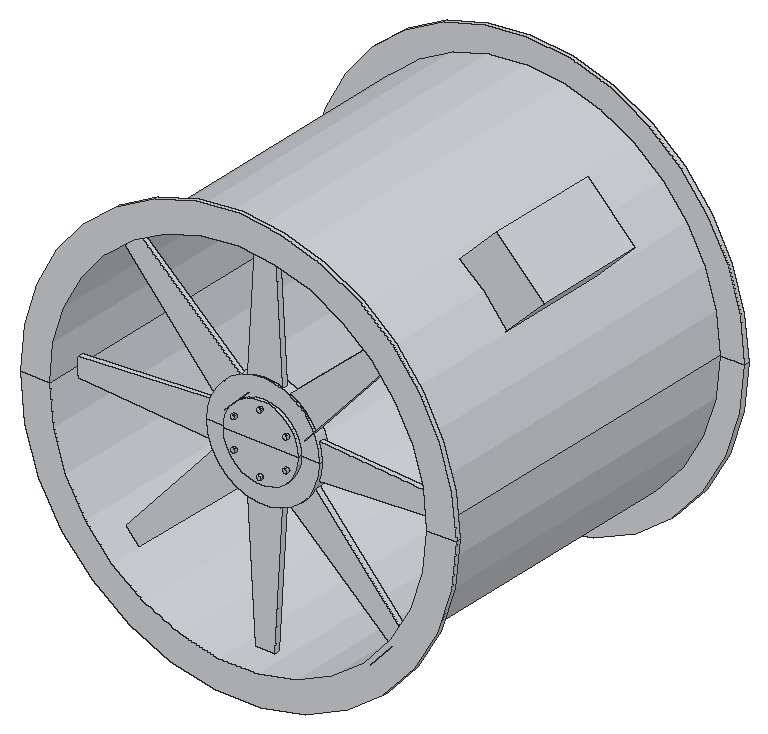
Revit family "CADS_Vent-Axia_MechEquip_Fan_LCA_450_1Ph4P - EXTRACT", category Mechanical Equipment, Revit 2020
Family settings
  Round Connector Dimension = Use Diameter
  Part Type = Normal
  OmniClass Number = 23.75.00.00
  OmniClass Title = Climate Control (HVAC)
  Work Plane-Based = No
  Always vertical = Yes
  Cut with Voids When Loaded = No
  Shared = No
  Room Calculation Point = No
Parameters (values of type "LCA451410")
  nr = NominalDiameter / 2  # 225 mm
  WorkingPressure = 0.0 Pa
  WarrantyStartDate [instance] = "1900-12-31T23:59:59"
  WarrantyPeriod = ""
  WarrantyIdentifier = "N/A"
  WarrantyGuarantorParts = "tech@vent-axia.com"
  WarrantyGuarantorLabor = "tech@vent-axia.com"
  WarrantyGuarantor = "Vent-Axia Limited"
  WarrantyEndDate [instance] = "1900-12-31T23:59:59"
  WarrantyContent = ""
  TemperatureRange = ""
  TagNumber [instance] = "N/A"
  SustainabilityPerformance = ""
  Status = "New"
  Size = ""
  Shape = ""
  ServiceLifeType = ""
  ServiceLifeDuration = ""
  SerialNumber [instance] = "N/A"
  ReplacementCost = ""
  RatedVoltage = 0 V
  RatedCurrent = 0 A
  Quantity = 1
  ProductionYear = ""
  PressureCurve = ""
  PowerFactor = ""
  PointOfContact = ""
  NumberOfPoles = 0
  NominalWidth = 450 mm
  NominalLength = 435 mm
  NominalHeight = 450 mm
  NominalFrequencyRange = ""
  NominalDiameter = 450 mm
  ModelReference = "LCAX 450mm 1PH 4P 10DEG"
  ModelNumber = "LCA451410"
  Material = ""
  ManufacturerE-Mail = "tech@vent-axia.com"
  ManufacturerAddress = "Fleming Way\nCrawley \nRH10 9YX"
  IsExtendedWarranty = no
  InsulationStandardClass = ""
  InstallationDate [instance] = "1900-12-31T23:59:59"
  IfcExportType [instance] = ""
  IfcExportAs = "IfcFanType"
  IP_Code = ""
  HasProtectiveEarth = no
  GrossWeight = 0.00 kg
  Grade = ""
  GlobalTradeItemNumber [instance] = "N/A"
  Fitting Type = "Ignore"
  Finish = ""
  Features = ""
  ExteriorInsulation = no
  ExpectedServiceLife = 0
  Exclusions = ""
  DurationUnit = "Year"
  Default Elevation = 0 mm
  Constituents = ""
  ConductorFunction = ""
  Color = ""
  CodePerformance = ""
  Category = ""
  CADS_Usage = 0
  CADS_Index = 0
  AssetType = "FIXED"
  AssetIdentifier [instance] = "N/A"
  AssemblyPlace = "UNKNOWN"
  ArticleNumber [instance] = "N/A"
  AirflowRateRange = 0.0 L/s
  Air Flow [instance] = 0.0 L/s
  AccessibilityPerformance = ""
Types (16, lengths in mm): name | ModelReference | ModelNumber
  LCA451410 | "LCAX 450mm 1PH 4P 10DEG" | "LCA451410"
  LCA451412 | "LCAX 450mm 1PH 4P 12DEG" | "LCA451412"
  LCA451414 | "LCAX 450mm 1PH 4P 14DEG" | "LCA451414"
  LCA451416 | "LCAX 450mm 1PH 4P 16DEG" | "LCA451416"
  LCA451418 | "LCAX 450mm 1PH 4P 18DEG" | "LCA451418"
  LCA451420 | "LCAX 450mm 1PH 4P 20DEG" | "LCA451420"
  LCA451422 | "LCAX 450mm 1PH 4P 22DEG" | "LCA451422"
  LCA451424 | "LCAX 450mm 1PH 4P 24DEG" | "LCA451424"
  LCA451426 | "LCAX 450mm 1PH 4P 26DEG" | "LCA451426"
  LCA451428 | "LCAX 450mm 1PH 4P 28DEG" | "LCA451428"
  LCA451430 | "LCAX 450mm 1PH 4P 30DEG" | "LCA451430"
  LCA451432 | "LCAX 450mm 1PH 4P 32DEG" | "LCA451432"
  LCA451434 | "LCAX 450mm 1PH 4P 34DEG" | "LCA451434"
  LCA451436 | "LCAX 450mm 1PH 4P 36DEG" | "LCA451436"
  LCA451438 | "LCAX 450mm 1PH 4P 38DEG" | "LCA451438"
  LCA451440 | "LCAX 450mm 1PH 4P 40DEG" | "LCA451440"
Reference planes
  plane 1 "Center (Front/Back)": y = 0
  plane 2: z = 0
  plane 3 "Center (Left/Right)": x = 0
  plane 4: x = -225
  plane 5: x = 225
  plane 6 "F": y = -217.5
  plane 7 "B": y = 217.5
  plane 8: x = -260
  plane 9: y = 212.5
  plane 10: y = -212.5
  plane 11: x = -230
  plane 12: y = -177.5
  plane 13 "top": z = 225
  plane 14: z = -225
  plane 15 "45deg": through (0, -1524, 0) normal (-0.7071, 0, -0.7071)
  plane 16 "C": through (0, -1524, 0) normal (-0.7071, 0, 0.7071)
Forms (mm)
  Revolve 1, solid
    sketch origin (0, 0, 0) x (1, 0, 0) y (0, 1, 0)
      loop
        line (-260, -217.5) -> (-225, -217.5) -> (-225, 217.5) -> (-260, 217.5) -> (-260, 212.5) -> (-230, 212.5) -> (-230, -212.5) -> (-260, -212.5) -> (-260, -217.5)
      axis (0, 217.5) -> (0, -217.5)
    angle from 0 to 360
  Sweep 2, solid
    path origin (0, 0, 0) x (1, 0, 0) y (0, 0, 1)
      loop
        line (159.099, 159.099) -> (205.061, 205.061)
    profile origin (182.08, 0, 182.08) x (-0.707107, 0, 0.707107) y (0, -1, 0)
      loop
        line (37.5, 55) -> (-42.73, 55) -> (-42.73, -79.5) -> (37.5, -79.5) -> (37.5, 55)
Dimensions and locks
  equal spacing: plane 4, plane 3 "Center (Left/Right)", plane 5
  equal spacing: plane 7 "B", plane 1 "Center (Front/Back)", plane 6 "F"
  "NominalLength": plane 7 "B" to plane 6 "F"
  "NominalDiameter": plane 4 to plane 5
  locked: plane 11 to plane 4 at 5
  locked: plane 8 to plane 11 at 30
  locked: plane 6 "F" to plane 10 at 5
  locked: plane 7 "B" to plane 9 at 5
  locked: plane 6 "F" to plane 12 at 40
  equal spacing: plane 13 "top", level, plane 14
  "NominalDiameter": plane 13 "top" to plane 14
  "nr": Sweep 2 sketch curve to nested 13
  Sweep 2 sketch curve to Sweep 2 sketch curve = 65 mm
  aligned and locked: level to plane 2
  aligned and locked: nested 1 to plane 12
Automatic sketch dimensions
  plane 6 "F" to Revolve 1 sketch curve = 0 mm
  Revolve 1 sketch curve to plane 8 = 0 mm  (x2)
  plane 10 to Revolve 1 sketch curve = 0 mm
  Revolve 1 sketch curve to plane 11 = 0 mm
  Revolve 1 sketch curve to plane 4 = 0 mm
  Revolve 1 sketch curve to plane 3 "Center (Left/Right)" = 0 mm
  plane 1 "Center (Front/Back)" to Revolve 1 sketch curve = 0 mm
  Revolve 1 sketch curve to plane 9 = 0 mm
  Revolve 1 sketch curve to plane 7 "B" = 0 mm
  plane 6 "F" to Revolve 1 sketch curve = 115 mm
  plane 1 "Center (Front/Back)" to Sweep 2 sketch curve = 55 mm
  Sweep 2 sketch curve to profile plane = 37.5 mm
  Sweep 2 sketch curve to Sweep 2 sketch curve = 80.23 mm
  Sweep 2 sketch curve to Sweep 2 sketch curve = 134.5 mm
  Sweep 2 sketch curve to plane 16 "C" = 0 mm  (x2)
Nested families
  nested 1: "Fan for ESC" at (0, -177.5, 0), ND <- "NominalDiameter", type "Fan for ESC"
    with hub 45 mm, ND 450 mm, BoltPCD 36 mm, Bolt Count 6, B_Diam 5 mm
  nested 2: "Bolts" at (31.177, -186.672, -18) x (-0.5, 0, -0.866) z (0, 1, 0), type "Bolts"
    with bd 5 mm
  nested 3: "Bolts" at (0, -186.672, -36) x (-1, 0, 0) z (0, 1, 0), type "Bolts"
    with bd 5 mm
  nested 4: "Bolts" at (-31.177, -186.672, -18) x (-0.5, 0, 0.866) z (0, 1, 0), type "Bolts"
    with bd 5 mm
  nested 5: "Bolts" at (-31.177, -186.672, 18) x (0.5, 0, 0.866) z (0, 1, 0), type "Bolts"
    with bd 5 mm
  nested 6: "Bolts" at (31.177, -186.672, 18) x (0.5, 0, -0.866) z (0, 1, 0), type "Bolts"
    with bd 5 mm
  nested 7: "Bolts" at (0, -186.672, 36) x (1, 0, 0) z (0, 1, 0), type "Bolts"
    with bd 5 mm
  nested 8: "ESC Blade" at (0, -177.5, 0), type "ESC Blade"
    with a 20.00°, HR 45 mm, HD 90 mm, BT 22.5 mm, BR 180 mm, BH 40 mm, BD 450 mm, BB 45 mm
  nested 9: "ESC Blade" at (0, -177.5, 0) x (0.7071, 0, -0.7071) z (0.7071, 0, 0.7071), type "ESC Blade"
    with a 20.00°, HR 45 mm, HD 90 mm, BT 22.5 mm, BR 180 mm, BH 40 mm, BD 450 mm, BB 45 mm
  nested 10: "ESC Blade" at (0, -177.5, 0) x (0, 0, -1) z (1, 0, 0), type "ESC Blade"
    with a 20.00°, HR 45 mm, HD 90 mm, BT 22.5 mm, BR 180 mm, BH 40 mm, BD 450 mm, BB 45 mm
  nested 11: "ESC Blade" at (0, -177.5, 0) x (-0.7071, 0, -0.7071) z (0.7071, 0, -0.7071), type "ESC Blade"
    with a 20.00°, HR 45 mm, HD 90 mm, BT 22.5 mm, BR 180 mm, BH 40 mm, BD 450 mm, BB 45 mm
  nested 12: "ESC Blade" at (0, -177.5, 0) x (-1, 0, 0) z (0, 0, -1), type "ESC Blade"
    with a 20.00°, HR 45 mm, HD 90 mm, BT 22.5 mm, BR 180 mm, BH 40 mm, BD 450 mm, BB 45 mm
  nested 13: "ESC Blade" at (0, -177.5, 0) x (-0.7071, 0, -0.7071) z (-0.7071, 0, 0.7071), type "ESC Blade"
    with a 20.00°, HR 45 mm, HD 90 mm, BT 22.5 mm, BR 180 mm, BH 40 mm, BD 450 mm, BB 45 mm
  nested 14: "ESC Blade" at (0, -177.5, 0) x (0, 0, -1) z (-1, 0, 0), type "ESC Blade"
    with a 20.00°, HR 45 mm, HD 90 mm, BT 22.5 mm, BR 180 mm, BH 40 mm, BD 450 mm, BB 45 mm
  nested 15: "ESC Blade" at (0, -177.5, 0) x (0.7071, 0, -0.7071) z (-0.7071, 0, -0.7071), type "ESC Blade"
    with a 20.00°, HR 45 mm, HD 90 mm, BT 22.5 mm, BR 180 mm, BH 40 mm, BD 450 mm, BB 45 mm
Connectors
  hvac at (0, -217.5, 0), driven by "NominalDiameter", driven by "Air Flow"
    settings: on Revolve 1, index 1, duct flow 0.0 L/s, flow factor 0, pres drop 0.0 Pa, loss coef 0, conn angle 0.00°, conn width 304.8 mm, conn height 304.8 mm, conn diameter 450 mm, duct sys type 2, conn prof type 0, flow config 0, flow direction 1, loss method 0, conn ref index -1, conn util no, is conn primary yes, conn desc ""
  hvac at (0, 217.5, 0), driven by "NominalDiameter", driven by "Air Flow"
    settings: on Revolve 1, index 2, duct flow 0.0 L/s, flow factor 0, pres drop 0.0 Pa, loss coef 0, conn angle 0.00°, conn width 304.8 mm, conn height 304.8 mm, conn diameter 450 mm, duct sys type 3, conn prof type 0, flow config 1, flow direction 2, loss method 0, conn ref index -1, conn util no, is conn primary no, conn desc ""
Definition of nested family "Fan for ESC"
  Parameters (values of type "Fan for ESC")
    hub [instance] = ND / 10  # 56.7 mm
    ND [instance] = 567 mm
    Model = "."
    Default Elevation = 0 mm
    BoltPCD [instance] = hub - (hub * 0.2)  # 45.36 mm
    Bolt Count [instance] = if(hub < 50 mm, 6, 8)  # 8
    B_Diam [instance] = if(hub < 50 mm, 5 mm, 10 mm)  # 10 mm
  Reference planes
    plane 1 "Center (Front/Back)": y = 0
    plane 2: z = 0
    plane 3 "Center (Left/Right)": x = 0
    plane 4 "back": y = 20
    plane 5 "bolts": y = -9.172
    plane 6 "B": z = 56.7
    plane 7: x = -79.287
    plane 8: x = -56.7
    plane 9 "hubface": y = -6.172
  Forms (mm)
    Revolve 1, solid
      sketch origin (0, 0, 0) x (1, 0, 0) y (0, 1, 0)
        loop
          line (0, 20) -> (-56.7, 20) -> (-56.7, 10.504) -> (-79.287, 10.504) -> (-79.287, -2.597) -> (-56.7, -2.597) -> (-56.7, -6.172) -> (0, -6.172) -> (0, 20)
        axis (0, 20) -> (0, -6.172)
      angle from 0 to 360
    Extrusion 2, solid, not visible
      sketch origin (0, -6.347, -4) x (-1, 0, 0) y (0, 0, 1)
        loop
          circle (0, 84) r 5
      from 0 to 3
  Lines and regions (mm)
    symbolic lines
      curve 1: circle (0, -9.172, 0) r 45.36 normal (0, 1, 0)
    model lines, not visible
      curve 2: line (0, -6.347, 85) -> (0, -6.347, 75)
  Dimensions and locks
    "hub": plane 6 "B" to plane 2
    "hub": nested 3 to plane 3 "Center (Left/Right)"
    "hub": nested 4 to plane 3 "Center (Left/Right)"
    "hub": nested 5 to plane 3 "Center (Left/Right)"
    "hub": plane 3 "Center (Left/Right)" to nested 6
    "hub": Revolve 1 sketch curve to Revolve 1 sketch curve
    "hub": plane 3 "Center (Left/Right)" to nested 7
    "hub": plane 3 "Center (Left/Right)" to nested 8
    "hub": plane 3 "Center (Left/Right)" to nested 9
    "hub": plane 8 to plane 3 "Center (Left/Right)"
    plane 7 to plane 8 = 22.587 mm
    diameter of Extrusion 2 sketch curve = 10 mm
    "BoltPCD": radius of curve 1
    "BoltPCD": radius of radial array
    aligned and locked: level to plane 2
    aligned and locked: plane 6 "B" to nested 1
  Automatic sketch dimensions
    Revolve 1 sketch curve to plane 7 = 0 mm
    Revolve 1 sketch curve to plane 8 = 0 mm  (x2)
    Revolve 1 sketch curve to plane 3 "Center (Left/Right)" = 0 mm
    Revolve 1 sketch curve to plane 9 "hubface" = 0 mm
    plane 4 "back" to Revolve 1 sketch curve = 0 mm
    plane 1 "Center (Front/Back)" to Revolve 1 sketch curve = 2.597 mm
    plane 4 "back" to Revolve 1 sketch curve = 9.496 mm
    Revolve 1 sketch curve to Revolve 1 sketch curve = 5 mm
    Revolve 1 sketch curve to plane 4 "back" = 45 mm
    curve 1 to level = 0 mm
    curve 1 to plane 3 "Center (Left/Right)" = 0 mm
  Nested families
    nested 1: "ESC Blade" at (0, 0, 0), BD <- "ND", HD <- "hub", type "ESC Blade"
      with a 20.00°, HR 56.7 mm, HD 113.4 mm, BT 28.35 mm, BR 226.8 mm, BH 40 mm, BD 567 mm, BB 56.7 mm
    nested 2: "ESC Blade" at (0, 0, 755), BD <- "ND", HD <- "hub", type "ESC Blade", not visible
      with a 20.00°, HR 56.7 mm, HD 113.4 mm, BT 28.35 mm, BR 226.8 mm, BH 40 mm, BD 567 mm, BB 56.7 mm
    nested 3: "ESC Blade" at (0, 0, 0) x (0.7071, 0, -0.7071) z (0.7071, 0, 0.7071), BD <- "ND", HD <- "hub", type "ESC Blade"
      with a 20.00°, HR 56.7 mm, HD 113.4 mm, BT 28.35 mm, BR 226.8 mm, BH 40 mm, BD 567 mm, BB 56.7 mm
    nested 4: "ESC Blade" at (0, 0, 0) x (0, 0, -1) z (1, 0, 0), BD <- "ND", HD <- "hub", type "ESC Blade"
      with a 20.00°, HR 56.7 mm, HD 113.4 mm, BT 28.35 mm, BR 226.8 mm, BH 40 mm, BD 567 mm, BB 56.7 mm
    nested 5: "ESC Blade" at (0, 0, 0) x (-0.7071, 0, -0.7071) z (0.7071, 0, -0.7071), BD <- "ND", HD <- "hub", type "ESC Blade"
      with a 20.00°, HR 56.7 mm, HD 113.4 mm, BT 28.35 mm, BR 226.8 mm, BH 40 mm, BD 567 mm, BB 56.7 mm
    nested 6: "ESC Blade" at (0, 0, 0) x (-1, 0, 0) z (0, 0, -1), BD <- "ND", HD <- "hub", type "ESC Blade"
      with a 20.00°, HR 56.7 mm, HD 113.4 mm, BT 28.35 mm, BR 226.8 mm, BH 40 mm, BD 567 mm, BB 56.7 mm
    nested 7: "ESC Blade" at (0, 0, 0) x (-0.7071, 0, -0.7071) z (-0.7071, 0, 0.7071), BD <- "ND", HD <- "hub", type "ESC Blade"
      with a 20.00°, HR 56.7 mm, HD 113.4 mm, BT 28.35 mm, BR 226.8 mm, BH 40 mm, BD 567 mm, BB 56.7 mm
    nested 8: "ESC Blade" at (0, 0, 0) x (0, 0, -1) z (-1, 0, 0), BD <- "ND", HD <- "hub", type "ESC Blade"
      with a 20.00°, HR 56.7 mm, HD 113.4 mm, BT 28.35 mm, BR 226.8 mm, BH 40 mm, BD 567 mm, BB 56.7 mm
    nested 9: "ESC Blade" at (0, 0, 0) x (0.7071, 0, -0.7071) z (-0.7071, 0, -0.7071), BD <- "ND", HD <- "hub", type "ESC Blade"
      with a 20.00°, HR 56.7 mm, HD 113.4 mm, BT 28.35 mm, BR 226.8 mm, BH 40 mm, BD 567 mm, BB 56.7 mm
    nested 10: "Bolts" at (0, -9.172, 45.36) x (1, 0, 0) z (0, 1, 0), bd <- "B_Diam", type "Bolts"
      with bd 10 mm
    nested 11: "Bolts" at (32.074, -9.172, 32.074) x (0.7071, 0, -0.7071) z (0, 1, 0), bd <- "B_Diam", type "Bolts"
      with bd 10 mm
    nested 12: "Bolts" at (-32.074, -9.172, 32.074) x (0.7071, 0, 0.7071) z (0, 1, 0), bd <- "B_Diam", type "Bolts"
      with bd 10 mm
    nested 13: "Bolts" at (-45.36, -9.172, 0) x (0, 0, 1) z (0, 1, 0), bd <- "B_Diam", type "Bolts"
      with bd 10 mm
    nested 14: "Bolts" at (-32.074, -9.172, -32.074) x (-0.7071, 0, 0.7071) z (0, 1, 0), bd <- "B_Diam", type "Bolts"
      with bd 10 mm
    nested 15: "Bolts" at (0, -9.172, -45.36) x (-1, 0, 0) z (0, 1, 0), bd <- "B_Diam", type "Bolts"
      with bd 10 mm
    nested 16: "Bolts" at (32.074, -9.172, -32.074) x (-0.7071, 0, -0.7071) z (0, 1, 0), bd <- "B_Diam", type "Bolts"
      with bd 10 mm
    nested 17: "Bolts" at (45.36, -9.172, 0) x (0, 0, -1) z (0, 1, 0), bd <- "B_Diam", type "Bolts"
      with bd 10 mm
  Definition of nested family "ESC Blade"
    Parameters (values of type "ESC Blade")
      a [instance] = 20.00°
      HR [instance] = HD / 2  # 30 mm
      HD [instance] = BD / 5  # 60 mm
      Default Elevation = 1219.2 mm
      BT [instance] = BD / 20  # 15 mm
      BR [instance] = (BD / 2) - HR  # 120 mm
      BH [instance] = 40 mm
      BD [instance] = 300 mm
      BB [instance] = BD / 10  # 30 mm
    Reference planes
      plane 1 "Center (Front/Back)": y = 0
      plane 2: z = 0
      plane 3 "Center (Left/Right)": x = 0
      plane 4 "Blade Bot": z = 30
      plane 5: x = -15
      plane 6: x = 15
      plane 7: x = -7.5
      plane 8: x = 7.5
    Forms (mm)
      Blend 1, solid
        base sketch origin (0, 0, 30) x (-1, 0, 0) y (0, -1, 0)
          loop
            line (15, 0) -> (-15, 0) -> (-15, -6) -> (15, -6) -> (15, 0)
        top sketch origin (0, 0, 30) x (-1, 0, 0) y (0, -1, 0)
          loop
            line (7.5, -6) -> (7.5, 0) -> (-7.5, 0) -> (-7.5, -6) -> (7.5, -6)
        from 0 to 120 <- "BR"
    Dimensions and locks
      "HR": plane 4 "Blade Bot" to level
      equal spacing: plane 8, plane 3 "Center (Left/Right)", plane 7
      "BT": plane 8 to plane 7
      equal spacing: plane 6, plane 3 "Center (Left/Right)", plane 5
      "BB": plane 6 to plane 5
      aligned and locked: level to plane 2
    Automatic sketch dimensions
      plane 1 "Center (Front/Back)" to Blend 1 sketch curve = 0 mm  (x2)
      Blend 1 sketch curve to plane 6 = 0 mm
      Blend 1 sketch curve to plane 5 = 0 mm
      Blend 1 sketch curve to plane 1 "Center (Front/Back)" = 6 mm  (x2)
      Blend 1 sketch curve to plane 8 = 0 mm
      Blend 1 sketch curve to plane 7 = 0 mm
  Definition of nested family "Bolts"
    Parameters
      bd [instance] = 10 mm
      Default Elevation = 1219.2 mm
    Reference planes
      plane 1 "Center (Front/Back)": y = 0
      plane 2: z = 0
      plane 3 "Center (Left/Right)": x = 0
    Forms (mm)
      Extrusion 1, solid
        sketch origin (0, 0, 0) x (1, 0, 0) y (0, 1, 0)
          loop
            line (-1219.2, 1219.2) -> (-1219.2, -1219.2) -> (1219.2, -1219.2) -> (1219.2, 1219.2) -> (-1219.2, 1219.2)
        from 0 to -304.8
      Extrusion 2, solid
        sketch origin (0, 0, 0) x (1, 0, 0) y (0, 1, 0)
          loop
            circle (0, 0) r 5
        from 0 to 3
    Dimensions and locks
      "bd": diameter of Extrusion 2 sketch curve
      aligned and locked: plane 2 to Extrusion 1
      aligned and locked: level to Extrusion 1
    Automatic sketch dimensions
      Extrusion 1 sketch curve to Extrusion 1 sketch curve = 2438.4 mm  (x2)
      plane 1 "Center (Front/Back)" to Extrusion 2 sketch curve = 0 mm
      Extrusion 2 sketch curve to plane 3 "Center (Left/Right)" = 0 mm
Definition of nested family "Bolts"
  Parameters
    bd [instance] = 10 mm
    Default Elevation = 1219.2 mm
  Reference planes
    plane 1 "Center (Front/Back)": y = 0
    plane 2: z = 0
    plane 3 "Center (Left/Right)": x = 0
  Forms (mm)
    Extrusion 1, solid
      sketch origin (0, 0, 0) x (1, 0, 0) y (0, 1, 0)
        loop
          line (-1219.2, 1219.2) -> (-1219.2, -1219.2) -> (1219.2, -1219.2) -> (1219.2, 1219.2) -> (-1219.2, 1219.2)
      from 0 to -304.8
    Extrusion 2, solid
      sketch origin (0, 0, 0) x (1, 0, 0) y (0, 1, 0)
        loop
          circle (0, 0) r 5
      from 0 to 3
  Dimensions and locks
    "bd": diameter of Extrusion 2 sketch curve
    aligned and locked: plane 2 to Extrusion 1
    aligned and locked: level to Extrusion 1
  Automatic sketch dimensions
    Extrusion 1 sketch curve to Extrusion 1 sketch curve = 2438.4 mm  (x2)
    plane 1 "Center (Front/Back)" to Extrusion 2 sketch curve = 0 mm
    Extrusion 2 sketch curve to plane 3 "Center (Left/Right)" = 0 mm
Definition of nested family "ESC Blade"
  Parameters (values of type "ESC Blade")
    a [instance] = 20.00°
    HR [instance] = HD / 2  # 30 mm
    HD [instance] = BD / 5  # 60 mm
    Default Elevation = 1219.2 mm
    BT [instance] = BD / 20  # 15 mm
    BR [instance] = (BD / 2) - HR  # 120 mm
    BH [instance] = 40 mm
    BD [instance] = 300 mm
    BB [instance] = BD / 10  # 30 mm
  Reference planes
    plane 1 "Center (Front/Back)": y = 0
    plane 2: z = 0
    plane 3 "Center (Left/Right)": x = 0
    plane 4 "Blade Bot": z = 30
    plane 5: x = -15
    plane 6: x = 15
    plane 7: x = -7.5
    plane 8: x = 7.5
  Forms (mm)
    Blend 1, solid
      base sketch origin (0, 0, 30) x (-1, 0, 0) y (0, -1, 0)
        loop
          line (15, 0) -> (-15, 0) -> (-15, -6) -> (15, -6) -> (15, 0)
      top sketch origin (0, 0, 30) x (-1, 0, 0) y (0, -1, 0)
        loop
          line (7.5, -6) -> (7.5, 0) -> (-7.5, 0) -> (-7.5, -6) -> (7.5, -6)
      from 0 to 120 <- "BR"
  Dimensions and locks
    "HR": plane 4 "Blade Bot" to level
    equal spacing: plane 8, plane 3 "Center (Left/Right)", plane 7
    "BT": plane 8 to plane 7
    equal spacing: plane 6, plane 3 "Center (Left/Right)", plane 5
    "BB": plane 6 to plane 5
    aligned and locked: level to plane 2
  Automatic sketch dimensions
    plane 1 "Center (Front/Back)" to Blend 1 sketch curve = 0 mm  (x2)
    Blend 1 sketch curve to plane 6 = 0 mm
    Blend 1 sketch curve to plane 5 = 0 mm
    Blend 1 sketch curve to plane 1 "Center (Front/Back)" = 6 mm  (x2)
    Blend 1 sketch curve to plane 8 = 0 mm
    Blend 1 sketch curve to plane 7 = 0 mm
